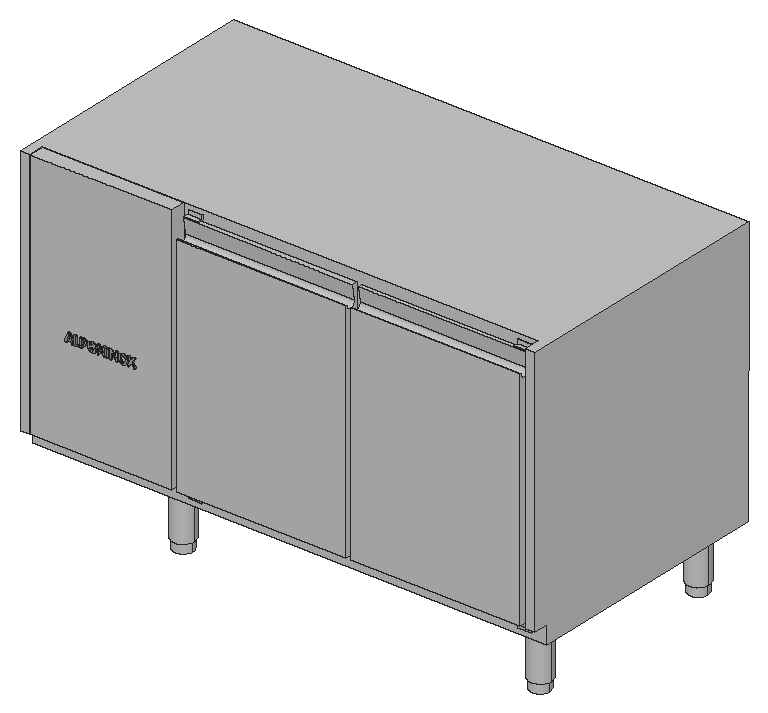
Revit family "QF_ALPENINOX_712000_AH2H7AA", category Specialty Equipment, Revit 2018 (continued)
Definition of nested family "ALP_Cooling Unit"
  Lines and regions (mm)
    Split face 133
      outline origin (110.032, 2, -125.094) x (0, 0, 1) y (-1, 0, 0)
        loop
          arc (510.649, 158.547) -> (506.648, 162.548) -> (502.647, 158.547) r 4.001
          line (502.647, 158.547) -> (502.647, 116.535)
          arc (502.647, 116.535) -> (506.648, 112.533) -> (510.649, 116.535) r 4.001
          line (510.649, 116.535) -> (510.649, 158.547)
    Split face 134
      outline origin (110.032, 2, -137.098) x (0, 0, 1) y (-1, 0, 0)
        loop
          arc (510.649, 158.547) -> (506.648, 162.548) -> (502.647, 158.547) r 4.001
          line (502.647, 158.547) -> (502.647, 116.535)
          arc (502.647, 116.535) -> (506.648, 112.533) -> (510.649, 116.535) r 4.001
          line (510.649, 116.535) -> (510.649, 158.547)
    Split face 135
      outline origin (110.032, 2, -149.101) x (0, 0, 1) y (-1, 0, 0)
        loop
          arc (510.649, 158.547) -> (506.648, 162.548) -> (502.647, 158.547) r 4.001
          line (502.647, 158.547) -> (502.647, 116.535)
          arc (502.647, 116.535) -> (506.648, 112.533) -> (510.649, 116.535) r 4.001
          line (510.649, 116.535) -> (510.649, 158.547)
    Split face 136
      outline origin (110.032, 2, -161.105) x (0, 0, 1) y (-1, 0, 0)
        loop
          arc (510.649, 158.547) -> (506.648, 162.548) -> (502.647, 158.547) r 4.001
          line (502.647, 158.547) -> (502.647, 116.535)
          arc (502.647, 116.535) -> (506.648, 112.533) -> (510.649, 116.535) r 4.001
          line (510.649, 116.535) -> (510.649, 158.547)
    Split face 137
      outline origin (110.032, 2, -173.108) x (0, 0, 1) y (-1, 0, 0)
        loop
          arc (510.649, 158.547) -> (506.648, 162.548) -> (502.647, 158.547) r 4.001
          line (502.647, 158.547) -> (502.647, 116.535)
          arc (502.647, 116.535) -> (506.648, 112.533) -> (510.649, 116.535) r 4.001
          line (510.649, 116.535) -> (510.649, 158.547)
    Split face 138
      outline origin (110.032, 2, -185.112) x (0, 0, 1) y (-1, 0, 0)
        loop
          arc (510.649, 158.547) -> (506.648, 162.548) -> (502.647, 158.547) r 4.001
          line (502.647, 158.547) -> (502.647, 116.535)
          arc (502.647, 116.535) -> (506.648, 112.533) -> (510.649, 116.535) r 4.001
          line (510.649, 116.535) -> (510.649, 158.547)
    Split face 139
      outline origin (110.032, 2, -197.115) x (0, 0, 1) y (-1, 0, 0)
        loop
          arc (510.649, 158.547) -> (506.648, 162.548) -> (502.647, 158.547) r 4.001
          line (502.647, 158.547) -> (502.647, 116.535)
          arc (502.647, 116.535) -> (506.648, 112.533) -> (510.649, 116.535) r 4.001
          line (510.649, 116.535) -> (510.649, 158.547)
    Split face 140
      outline origin (110.032, 2, -209.119) x (0, 0, 1) y (-1, 0, 0)
        loop
          arc (510.649, 158.547) -> (506.648, 162.548) -> (502.647, 158.547) r 4.001
          line (502.647, 158.547) -> (502.647, 116.535)
          arc (502.647, 116.535) -> (506.648, 112.533) -> (510.649, 116.535) r 4.001
          line (510.649, 116.535) -> (510.649, 158.547)
    Split face 141
      outline origin (110.032, 2, -221.122) x (0, 0, 1) y (-1, 0, 0)
        loop
          arc (510.649, 158.547) -> (506.648, 162.548) -> (502.647, 158.547) r 4.001
          line (502.647, 158.547) -> (502.647, 116.535)
          arc (502.647, 116.535) -> (506.648, 112.533) -> (510.649, 116.535) r 4.001
          line (510.649, 116.535) -> (510.649, 158.547)
    Split face 142
      outline origin (110.032, 2, -233.126) x (0, 0, 1) y (-1, 0, 0)
        loop
          arc (510.649, 158.547) -> (506.648, 162.548) -> (502.647, 158.547) r 4.001
          line (502.647, 158.547) -> (502.647, 116.535)
          arc (502.647, 116.535) -> (506.648, 112.533) -> (510.649, 116.535) r 4.001
          line (510.649, 116.535) -> (510.649, 158.547)
    Split face 143
      outline origin (110.032, 2, -245.129) x (0, 0, 1) y (-1, 0, 0)
        loop
          arc (510.649, 158.547) -> (506.648, 162.548) -> (502.647, 158.547) r 4.001
          line (502.647, 158.547) -> (502.647, 116.535)
          arc (502.647, 116.535) -> (506.648, 112.533) -> (510.649, 116.535) r 4.001
          line (510.649, 116.535) -> (510.649, 158.547)
    Split face 144
      outline origin (110.032, 2, -257.133) x (0, 0, 1) y (-1, 0, 0)
        loop
          arc (510.649, 158.547) -> (506.648, 162.548) -> (502.647, 158.547) r 4.001
          line (502.647, 158.547) -> (502.647, 116.535)
          arc (502.647, 116.535) -> (506.648, 112.533) -> (510.649, 116.535) r 4.001
          line (510.649, 116.535) -> (510.649, 158.547)
    Split face 145
      outline origin (110.032, 2, -269.136) x (0, 0, 1) y (-1, 0, 0)
        loop
          arc (510.649, 158.547) -> (506.648, 162.548) -> (502.647, 158.547) r 4.001
          line (502.647, 158.547) -> (502.647, 116.535)
          arc (502.647, 116.535) -> (506.648, 112.533) -> (510.649, 116.535) r 4.001
          line (510.649, 116.535) -> (510.649, 158.547)
    Split face 146
      outline origin (110.032, 2, -281.14) x (0, 0, 1) y (-1, 0, 0)
        loop
          arc (510.649, 158.547) -> (506.648, 162.548) -> (502.647, 158.547) r 4.001
          line (502.647, 158.547) -> (502.647, 116.535)
          arc (502.647, 116.535) -> (506.648, 112.533) -> (510.649, 116.535) r 4.001
          line (510.649, 116.535) -> (510.649, 158.547)
    Split face 147
      outline origin (110.032, 2, -293.144) x (0, 0, 1) y (-1, 0, 0)
        loop
          arc (510.649, 158.547) -> (506.648, 162.548) -> (502.647, 158.547) r 4.001
          line (502.647, 158.547) -> (502.647, 116.535)
          arc (502.647, 116.535) -> (506.648, 112.533) -> (510.649, 116.535) r 4.001
          line (510.649, 116.535) -> (510.649, 158.547)
    Split face 148
      outline origin (165.048, 2, -113.091) x (0, 0, 1) y (-1, 0, 0)
        loop
          arc (510.649, 158.547) -> (506.648, 162.548) -> (502.647, 158.547) r 4.001
          line (502.647, 158.547) -> (502.647, 116.535)
          arc (502.647, 116.535) -> (506.648, 112.533) -> (510.649, 116.535) r 4.001
          line (510.649, 116.535) -> (510.649, 158.547)
    Split face 149
      outline origin (165.048, 2, -125.094) x (0, 0, 1) y (-1, 0, 0)
        loop
          arc (510.649, 158.547) -> (506.648, 162.548) -> (502.647, 158.547) r 4.001
          line (502.647, 158.547) -> (502.647, 116.535)
          arc (502.647, 116.535) -> (506.648, 112.533) -> (510.649, 116.535) r 4.001
          line (510.649, 116.535) -> (510.649, 158.547)
    Split face 150
      outline origin (165.048, 2, -137.098) x (0, 0, 1) y (-1, 0, 0)
        loop
          arc (510.649, 158.547) -> (506.648, 162.548) -> (502.647, 158.547) r 4.001
          line (502.647, 158.547) -> (502.647, 116.535)
          arc (502.647, 116.535) -> (506.648, 112.533) -> (510.649, 116.535) r 4.001
          line (510.649, 116.535) -> (510.649, 158.547)
    Split face 151
      outline origin (165.048, 2, -149.101) x (0, 0, 1) y (-1, 0, 0)
        loop
          arc (510.649, 158.547) -> (506.648, 162.548) -> (502.647, 158.547) r 4.001
          line (502.647, 158.547) -> (502.647, 116.535)
          arc (502.647, 116.535) -> (506.648, 112.533) -> (510.649, 116.535) r 4.001
          line (510.649, 116.535) -> (510.649, 158.547)
    Split face 152
      outline origin (165.048, 2, -161.105) x (0, 0, 1) y (-1, 0, 0)
        loop
          arc (510.649, 158.547) -> (506.648, 162.548) -> (502.647, 158.547) r 4.001
          line (502.647, 158.547) -> (502.647, 116.535)
          arc (502.647, 116.535) -> (506.648, 112.533) -> (510.649, 116.535) r 4.001
          line (510.649, 116.535) -> (510.649, 158.547)
    Split face 153
      outline origin (165.048, 2, -173.108) x (0, 0, 1) y (-1, 0, 0)
        loop
          arc (510.649, 158.547) -> (506.648, 162.548) -> (502.647, 158.547) r 4.001
          line (502.647, 158.547) -> (502.647, 116.535)
          arc (502.647, 116.535) -> (506.648, 112.533) -> (510.649, 116.535) r 4.001
          line (510.649, 116.535) -> (510.649, 158.547)
    Split face 154
      outline origin (165.048, 2, -185.112) x (0, 0, 1) y (-1, 0, 0)
        loop
          arc (510.649, 158.547) -> (506.648, 162.548) -> (502.647, 158.547) r 4.001
          line (502.647, 158.547) -> (502.647, 116.535)
          arc (502.647, 116.535) -> (506.648, 112.533) -> (510.649, 116.535) r 4.001
          line (510.649, 116.535) -> (510.649, 158.547)
    Split face 155
      outline origin (165.048, 2, -197.115) x (0, 0, 1) y (-1, 0, 0)
        loop
          arc (510.649, 158.547) -> (506.648, 162.548) -> (502.647, 158.547) r 4.001
          line (502.647, 158.547) -> (502.647, 116.535)
          arc (502.647, 116.535) -> (506.648, 112.533) -> (510.649, 116.535) r 4.001
          line (510.649, 116.535) -> (510.649, 158.547)
    Split face 156
      outline origin (165.048, 2, -209.119) x (0, 0, 1) y (-1, 0, 0)
        loop
          arc (510.649, 158.547) -> (506.648, 162.548) -> (502.647, 158.547) r 4.001
          line (502.647, 158.547) -> (502.647, 116.535)
          arc (502.647, 116.535) -> (506.648, 112.533) -> (510.649, 116.535) r 4.001
          line (510.649, 116.535) -> (510.649, 158.547)
    Split face 157
      outline origin (165.048, 2, -221.122) x (0, 0, 1) y (-1, 0, 0)
        loop
          arc (510.649, 158.547) -> (506.648, 162.548) -> (502.647, 158.547) r 4.001
          line (502.647, 158.547) -> (502.647, 116.535)
          arc (502.647, 116.535) -> (506.648, 112.533) -> (510.649, 116.535) r 4.001
          line (510.649, 116.535) -> (510.649, 158.547)
    Split face 158
      outline origin (165.048, 2, -233.126) x (0, 0, 1) y (-1, 0, 0)
        loop
          arc (510.649, 158.547) -> (506.648, 162.548) -> (502.647, 158.547) r 4.001
          line (502.647, 158.547) -> (502.647, 116.535)
          arc (502.647, 116.535) -> (506.648, 112.533) -> (510.649, 116.535) r 4.001
          line (510.649, 116.535) -> (510.649, 158.547)
    Split face 159
      outline origin (165.048, 2, -245.129) x (0, 0, 1) y (-1, 0, 0)
        loop
          arc (510.649, 158.547) -> (506.648, 162.548) -> (502.647, 158.547) r 4.001
          line (502.647, 158.547) -> (502.647, 116.535)
          arc (502.647, 116.535) -> (506.648, 112.533) -> (510.649, 116.535) r 4.001
          line (510.649, 116.535) -> (510.649, 158.547)
    Split face 160
      outline origin (165.048, 2, -257.133) x (0, 0, 1) y (-1, 0, 0)
        loop
          arc (510.649, 158.547) -> (506.648, 162.548) -> (502.647, 158.547) r 4.001
          line (502.647, 158.547) -> (502.647, 116.535)
          arc (502.647, 116.535) -> (506.648, 112.533) -> (510.649, 116.535) r 4.001
          line (510.649, 116.535) -> (510.649, 158.547)
    Split face 161
      outline origin (165.048, 2, -269.136) x (0, 0, 1) y (-1, 0, 0)
        loop
          arc (510.649, 158.547) -> (506.648, 162.548) -> (502.647, 158.547) r 4.001
          line (502.647, 158.547) -> (502.647, 116.535)
          arc (502.647, 116.535) -> (506.648, 112.533) -> (510.649, 116.535) r 4.001
          line (510.649, 116.535) -> (510.649, 158.547)
    Split face 162
      outline origin (165.048, 2, -281.14) x (0, 0, 1) y (-1, 0, 0)
        loop
          arc (510.649, 158.547) -> (506.648, 162.548) -> (502.647, 158.547) r 4.001
          line (502.647, 158.547) -> (502.647, 116.535)
          arc (502.647, 116.535) -> (506.648, 112.533) -> (510.649, 116.535) r 4.001
          line (510.649, 116.535) -> (510.649, 158.547)
    Split face 163
      outline origin (165.048, 2, -293.144) x (0, 0, 1) y (-1, 0, 0)
        loop
          arc (510.649, 158.547) -> (506.648, 162.548) -> (502.647, 158.547) r 4.001
          line (502.647, 158.547) -> (502.647, 116.535)
          arc (502.647, 116.535) -> (506.648, 112.533) -> (510.649, 116.535) r 4.001
          line (510.649, 116.535) -> (510.649, 158.547)
    Split face 164
      outline origin (220.064, 2, -113.091) x (0, 0, 1) y (-1, 0, 0)
        loop
          arc (510.649, 158.547) -> (506.648, 162.548) -> (502.647, 158.547) r 4.001
          line (502.647, 158.547) -> (502.647, 116.535)
          arc (502.647, 116.535) -> (506.648, 112.533) -> (510.649, 116.535) r 4.001
          line (510.649, 116.535) -> (510.649, 158.547)
    Split face 165
      outline origin (220.064, 2, -125.094) x (0, 0, 1) y (-1, 0, 0)
        loop
          arc (510.649, 158.547) -> (506.648, 162.548) -> (502.647, 158.547) r 4.001
          line (502.647, 158.547) -> (502.647, 116.535)
          arc (502.647, 116.535) -> (506.648, 112.533) -> (510.649, 116.535) r 4.001
          line (510.649, 116.535) -> (510.649, 158.547)
    Split face 166
      outline origin (220.064, 2, -137.098) x (0, 0, 1) y (-1, 0, 0)
        loop
          arc (510.649, 158.547) -> (506.648, 162.548) -> (502.647, 158.547) r 4.001
          line (502.647, 158.547) -> (502.647, 116.535)
          arc (502.647, 116.535) -> (506.648, 112.533) -> (510.649, 116.535) r 4.001
          line (510.649, 116.535) -> (510.649, 158.547)
    Split face 167
      outline origin (220.064, 2, -149.101) x (0, 0, 1) y (-1, 0, 0)
        loop
          arc (510.649, 158.547) -> (506.648, 162.548) -> (502.647, 158.547) r 4.001
          line (502.647, 158.547) -> (502.647, 116.535)
          arc (502.647, 116.535) -> (506.648, 112.533) -> (510.649, 116.535) r 4.001
          line (510.649, 116.535) -> (510.649, 158.547)
    Split face 168
      outline origin (220.064, 2, -161.105) x (0, 0, 1) y (-1, 0, 0)
        loop
          arc (510.649, 158.547) -> (506.648, 162.548) -> (502.647, 158.547) r 4.001
          line (502.647, 158.547) -> (502.647, 116.535)
          arc (502.647, 116.535) -> (506.648, 112.533) -> (510.649, 116.535) r 4.001
          line (510.649, 116.535) -> (510.649, 158.547)
    Split face 169
      outline origin (220.064, 2, -173.108) x (0, 0, 1) y (-1, 0, 0)
        loop
          arc (510.649, 158.547) -> (506.648, 162.548) -> (502.647, 158.547) r 4.001
          line (502.647, 158.547) -> (502.647, 116.535)
          arc (502.647, 116.535) -> (506.648, 112.533) -> (510.649, 116.535) r 4.001
          line (510.649, 116.535) -> (510.649, 158.547)
    Split face 170
      outline origin (220.064, 2, -185.112) x (0, 0, 1) y (-1, 0, 0)
        loop
          arc (510.649, 158.547) -> (506.648, 162.548) -> (502.647, 158.547) r 4.001
          line (502.647, 158.547) -> (502.647, 116.535)
          arc (502.647, 116.535) -> (506.648, 112.533) -> (510.649, 116.535) r 4.001
          line (510.649, 116.535) -> (510.649, 158.547)
    Split face 171
      outline origin (220.064, 2, -197.115) x (0, 0, 1) y (-1, 0, 0)
        loop
          arc (510.649, 158.547) -> (506.648, 162.548) -> (502.647, 158.547) r 4.001
          line (502.647, 158.547) -> (502.647, 116.535)
          arc (502.647, 116.535) -> (506.648, 112.533) -> (510.649, 116.535) r 4.001
          line (510.649, 116.535) -> (510.649, 158.547)
    Split face 172
      outline origin (220.064, 2, -209.119) x (0, 0, 1) y (-1, 0, 0)
        loop
          arc (510.649, 158.547) -> (506.648, 162.548) -> (502.647, 158.547) r 4.001
          line (502.647, 158.547) -> (502.647, 116.535)
          arc (502.647, 116.535) -> (506.648, 112.533) -> (510.649, 116.535) r 4.001
          line (510.649, 116.535) -> (510.649, 158.547)
    Split face 173
      outline origin (220.064, 2, -221.122) x (0, 0, 1) y (-1, 0, 0)
        loop
          arc (510.649, 158.547) -> (506.648, 162.548) -> (502.647, 158.547) r 4.001
          line (502.647, 158.547) -> (502.647, 116.535)
          arc (502.647, 116.535) -> (506.648, 112.533) -> (510.649, 116.535) r 4.001
          line (510.649, 116.535) -> (510.649, 158.547)
    Split face 174
      outline origin (220.064, 2, -233.126) x (0, 0, 1) y (-1, 0, 0)
        loop
          arc (510.649, 158.547) -> (506.648, 162.548) -> (502.647, 158.547) r 4.001
          line (502.647, 158.547) -> (502.647, 116.535)
          arc (502.647, 116.535) -> (506.648, 112.533) -> (510.649, 116.535) r 4.001
          line (510.649, 116.535) -> (510.649, 158.547)
    Split face 175
      outline origin (220.064, 2, -245.129) x (0, 0, 1) y (-1, 0, 0)
        loop
          arc (510.649, 158.547) -> (506.648, 162.548) -> (502.647, 158.547) r 4.001
          line (502.647, 158.547) -> (502.647, 116.535)
          arc (502.647, 116.535) -> (506.648, 112.533) -> (510.649, 116.535) r 4.001
          line (510.649, 116.535) -> (510.649, 158.547)
    Split face 176
      outline origin (220.064, 2, -257.133) x (0, 0, 1) y (-1, 0, 0)
        loop
          arc (510.649, 158.547) -> (506.648, 162.548) -> (502.647, 158.547) r 4.001
          line (502.647, 158.547) -> (502.647, 116.535)
          arc (502.647, 116.535) -> (506.648, 112.533) -> (510.649, 116.535) r 4.001
          line (510.649, 116.535) -> (510.649, 158.547)
    Split face 177
      outline origin (220.064, 2, -269.136) x (0, 0, 1) y (-1, 0, 0)
        loop
          arc (510.649, 158.547) -> (506.648, 162.548) -> (502.647, 158.547) r 4.001
          line (502.647, 158.547) -> (502.647, 116.535)
          arc (502.647, 116.535) -> (506.648, 112.533) -> (510.649, 116.535) r 4.001
          line (510.649, 116.535) -> (510.649, 158.547)
    Split face 178
      outline origin (220.064, 2, -281.14) x (0, 0, 1) y (-1, 0, 0)
        loop
          arc (510.649, 158.547) -> (506.648, 162.548) -> (502.647, 158.547) r 4.001
          line (502.647, 158.547) -> (502.647, 116.535)
          arc (502.647, 116.535) -> (506.648, 112.533) -> (510.649, 116.535) r 4.001
          line (510.649, 116.535) -> (510.649, 158.547)
    Split face 179
      outline origin (220.064, 2, -293.144) x (0, 0, 1) y (-1, 0, 0)
        loop
          arc (510.649, 158.547) -> (506.648, 162.548) -> (502.647, 158.547) r 4.001
          line (502.647, 158.547) -> (502.647, 116.535)
          arc (502.647, 116.535) -> (506.648, 112.533) -> (510.649, 116.535) r 4.001
          line (510.649, 116.535) -> (510.649, 158.547)
    Split face 180
      outline origin (275.081, 2, -113.091) x (0, 0, 1) y (-1, 0, 0)
        loop
          arc (510.649, 158.547) -> (506.648, 162.548) -> (502.647, 158.547) r 4.001
          line (502.647, 158.547) -> (502.647, 116.535)
          arc (502.647, 116.535) -> (506.648, 112.533) -> (510.649, 116.535) r 4.001
          line (510.649, 116.535) -> (510.649, 158.547)
    Split face 181
      outline origin (275.081, 2, -125.094) x (0, 0, 1) y (-1, 0, 0)
        loop
          arc (510.649, 158.547) -> (506.648, 162.548) -> (502.647, 158.547) r 4.001
          line (502.647, 158.547) -> (502.647, 116.535)
          arc (502.647, 116.535) -> (506.648, 112.533) -> (510.649, 116.535) r 4.001
          line (510.649, 116.535) -> (510.649, 158.547)
    Split face 182
      outline origin (275.081, 2, -137.098) x (0, 0, 1) y (-1, 0, 0)
        loop
          arc (510.649, 158.547) -> (506.648, 162.548) -> (502.647, 158.547) r 4.001
          line (502.647, 158.547) -> (502.647, 116.535)
          arc (502.647, 116.535) -> (506.648, 112.533) -> (510.649, 116.535) r 4.001
          line (510.649, 116.535) -> (510.649, 158.547)
    Split face 183
      outline origin (275.081, 2, -149.101) x (0, 0, 1) y (-1, 0, 0)
        loop
          arc (510.649, 158.547) -> (506.648, 162.548) -> (502.647, 158.547) r 4.001
          line (502.647, 158.547) -> (502.647, 116.535)
          arc (502.647, 116.535) -> (506.648, 112.533) -> (510.649, 116.535) r 4.001
          line (510.649, 116.535) -> (510.649, 158.547)
    Split face 184
      outline origin (275.081, 2, -161.105) x (0, 0, 1) y (-1, 0, 0)
        loop
          arc (510.649, 158.547) -> (506.648, 162.548) -> (502.647, 158.547) r 4.001
          line (502.647, 158.547) -> (502.647, 116.535)
          arc (502.647, 116.535) -> (506.648, 112.533) -> (510.649, 116.535) r 4.001
          line (510.649, 116.535) -> (510.649, 158.547)
    Split face 185
      outline origin (275.081, 2, -173.108) x (0, 0, 1) y (-1, 0, 0)
        loop
          arc (510.649, 158.547) -> (506.648, 162.548) -> (502.647, 158.547) r 4.001
          line (502.647, 158.547) -> (502.647, 116.535)
          arc (502.647, 116.535) -> (506.648, 112.533) -> (510.649, 116.535) r 4.001
          line (510.649, 116.535) -> (510.649, 158.547)
    Split face 186
      outline origin (275.081, 2, -185.112) x (0, 0, 1) y (-1, 0, 0)
        loop
          arc (510.649, 158.547) -> (506.648, 162.548) -> (502.647, 158.547) r 4.001
          line (502.647, 158.547) -> (502.647, 116.535)
          arc (502.647, 116.535) -> (506.648, 112.533) -> (510.649, 116.535) r 4.001
          line (510.649, 116.535) -> (510.649, 158.547)
    Split face 187
      outline origin (275.081, 2, -197.115) x (0, 0, 1) y (-1, 0, 0)
        loop
          arc (510.649, 158.547) -> (506.648, 162.548) -> (502.647, 158.547) r 4.001
          line (502.647, 158.547) -> (502.647, 116.535)
          arc (502.647, 116.535) -> (506.648, 112.533) -> (510.649, 116.535) r 4.001
          line (510.649, 116.535) -> (510.649, 158.547)
    Split face 188
      outline origin (275.081, 2, -209.119) x (0, 0, 1) y (-1, 0, 0)
        loop
          arc (510.649, 158.547) -> (506.648, 162.548) -> (502.647, 158.547) r 4.001
          line (502.647, 158.547) -> (502.647, 116.535)
          arc (502.647, 116.535) -> (506.648, 112.533) -> (510.649, 116.535) r 4.001
          line (510.649, 116.535) -> (510.649, 158.547)
    Split face 189
      outline origin (275.081, 2, -221.122) x (0, 0, 1) y (-1, 0, 0)
        loop
          arc (510.649, 158.547) -> (506.648, 162.548) -> (502.647, 158.547) r 4.001
          line (502.647, 158.547) -> (502.647, 116.535)
          arc (502.647, 116.535) -> (506.648, 112.533) -> (510.649, 116.535) r 4.001
          line (510.649, 116.535) -> (510.649, 158.547)
    Split face 190
      outline origin (275.081, 2, -233.126) x (0, 0, 1) y (-1, 0, 0)
        loop
          arc (510.649, 158.547) -> (506.648, 162.548) -> (502.647, 158.547) r 4.001
          line (502.647, 158.547) -> (502.647, 116.535)
          arc (502.647, 116.535) -> (506.648, 112.533) -> (510.649, 116.535) r 4.001
          line (510.649, 116.535) -> (510.649, 158.547)
    Split face 191
      outline origin (275.081, 2, -245.129) x (0, 0, 1) y (-1, 0, 0)
        loop
          arc (510.649, 158.547) -> (506.648, 162.548) -> (502.647, 158.547) r 4.001
          line (502.647, 158.547) -> (502.647, 116.535)
          arc (502.647, 116.535) -> (506.648, 112.533) -> (510.649, 116.535) r 4.001
          line (510.649, 116.535) -> (510.649, 158.547)
    Split face 192
      outline origin (275.081, 2, -257.133) x (0, 0, 1) y (-1, 0, 0)
        loop
          arc (510.649, 158.547) -> (506.648, 162.548) -> (502.647, 158.547) r 4.001
          line (502.647, 158.547) -> (502.647, 116.535)
          arc (502.647, 116.535) -> (506.648, 112.533) -> (510.649, 116.535) r 4.001
          line (510.649, 116.535) -> (510.649, 158.547)
    Split face 193
      outline origin (275.081, 2, -269.136) x (0, 0, 1) y (-1, 0, 0)
        loop
          arc (510.649, 158.547) -> (506.648, 162.548) -> (502.647, 158.547) r 4.001
          line (502.647, 158.547) -> (502.647, 116.535)
          arc (502.647, 116.535) -> (506.648, 112.533) -> (510.649, 116.535) r 4.001
          line (510.649, 116.535) -> (510.649, 158.547)
    Split face 194
      outline origin (275.081, 2, -281.14) x (0, 0, 1) y (-1, 0, 0)
        loop
          arc (510.649, 158.547) -> (506.648, 162.548) -> (502.647, 158.547) r 4.001
          line (502.647, 158.547) -> (502.647, 116.535)
          arc (502.647, 116.535) -> (506.648, 112.533) -> (510.649, 116.535) r 4.001
          line (510.649, 116.535) -> (510.649, 158.547)
    Split face 195
      outline origin (275.081, 2, -293.144) x (0, 0, 1) y (-1, 0, 0)
        loop
          arc (510.649, 158.547) -> (506.648, 162.548) -> (502.647, 158.547) r 4.001
          line (502.647, 158.547) -> (502.647, 116.535)
          arc (502.647, 116.535) -> (506.648, 112.533) -> (510.649, 116.535) r 4.001
          line (510.649, 116.535) -> (510.649, 158.547)
  Dimensions and locks
    aligned and locked: level to plane 2
  Nested families
    nested 1: "ALP_Logo_S" at (0, 2, 458.586) x (1, 0, 0) z (0, -1, 0), visible <- "Show Logo", type "ALP_Logo_S"
  Definition of nested family "ALP_Logo_S"
    Parameters
      Default Elevation = 0 mm
    Reference planes
      plane 1 "Centro (Fronte/Retro)": y = 0
      plane 2: z = 0
      plane 3 "Centro (Sinistra/Destra)": x = 0
    Forms (mm)
      Extrusion 1, solid
        sketch origin (0, 0, 0) x (1, 0, 0) y (0, 1, 0)
          loop
            line (-1219.2, 1219.2) -> (-1219.2, -1219.2) -> (1219.2, -1219.2) -> (1219.2, 1219.2) -> (-1219.2, 1219.2)
        from 0 to -304.8
      Extrusion 2, solid
        sketch origin (17.793, -46.218, 0) x (-1, 0, 0) y (0, -1, 0)
          loop
            line (109.007, -37.469) -> (109.244, -36.361)
            spline (109.244, -36.361) -> (109.221, -36.03) -> (109.153, -35.716) -> (109.043, -35.42) -> (108.895, -35.146) -> (108.713, -34.896) -> (108.498, -34.671) -> (108.255, -34.475) -> (107.987, -34.309) -> (107.697, -34.176) -> (107.388, -34.078) -> (107.064, -34.017) -> (106.728, -33.997)
            spline (106.728, -33.997) -> (106.393, -34.012) -> (106.085, -34.057) -> (105.803, -34.129) -> (105.547, -34.228) -> (105.315, -34.352) -> (105.105, -34.499) -> (104.918, -34.668) -> (104.752, -34.858) -> (104.605, -35.066) -> (104.478, -35.291) -> (104.368, -35.532) -> (104.275, -35.787)
            line (104.275, -35.787) -> (103.256, -38.92) -> (93.799, -38.92) -> (92.773, -35.75)
            spline (92.773, -35.75) -> (92.68, -35.504) -> (92.57, -35.27) -> (92.443, -35.05) -> (92.296, -34.847) -> (92.129, -34.661) -> (91.941, -34.495) -> (91.729, -34.35) -> (91.494, -34.227) -> (91.234, -34.129) -> (90.948, -34.056) -> (90.634, -34.012) -> (90.292, -33.997)
            spline (90.292, -33.997) -> (89.98, -34.015) -> (89.679, -34.07) -> (89.392, -34.16) -> (89.122, -34.282) -> (88.871, -34.436) -> (88.644, -34.618) -> (88.442, -34.828) -> (88.271, -35.063) -> (88.132, -35.322) -> (88.028, -35.604) -> (87.964, -35.905) -> (87.942, -36.225)
            line (87.942, -36.225) -> (88.215, -37.469) -> (94.885, -55.826)
            spline (94.885, -55.826) -> (95.044, -56.22) -> (95.23, -56.593) -> (95.444, -56.943) -> (95.685, -57.268) -> (95.953, -57.564) -> (96.246, -57.829) -> (96.565, -58.06) -> (96.909, -58.255) -> (97.278, -58.412) -> (97.672, -58.527) -> (98.088, -58.597) -> (98.529, -58.622)
            spline (98.529, -58.622) -> (98.953, -58.596) -> (99.359, -58.522) -> (99.746, -58.402) -> (100.112, -58.241) -> (100.457, -58.04) -> (100.78, -57.804) -> (101.078, -57.536) -> (101.351, -57.238) -> (101.599, -56.916) -> (101.818, -56.57) -> (102.009, -56.206) -> (102.171, -55.826)
            line (102.171, -55.826) -> (109.007, -37.469)
          loop
            line (101.794, -43.576) -> (95.326, -43.576) -> (98.522, -53.458) -> (101.794, -43.576)
          loop
            spline (85.755, -36.964) -> (85.735, -36.556) -> (85.675, -36.175) -> (85.576, -35.822) -> (85.439, -35.499) -> (85.266, -35.208) -> (85.056, -34.95) -> (84.812, -34.727) -> (84.534, -34.541) -> (84.223, -34.394) -> (83.881, -34.286) -> (83.507, -34.22) -> (83.104, -34.198)
            line (83.104, -34.198) -> (74.598, -34.198)
            spline (74.598, -34.198) -> (74.236, -34.221) -> (73.9, -34.286) -> (73.592, -34.39) -> (73.311, -34.528) -> (73.058, -34.698) -> (72.835, -34.895) -> (72.641, -35.114) -> (72.478, -35.354) -> (72.347, -35.608) -> (72.247, -35.874) -> (72.181, -36.148) -> (72.148, -36.426)
            spline (72.148, -36.426) -> (72.156, -36.715) -> (72.197, -37.004) -> (72.272, -37.289) -> (72.382, -37.565) -> (72.528, -37.827) -> (72.709, -38.07) -> (72.927, -38.288) -> (73.183, -38.478) -> (73.478, -38.635) -> (73.811, -38.752) -> (74.184, -38.827) -> (74.598, -38.852)
            line (74.598, -38.852) -> (80.653, -38.852) -> (80.653, -55.789)
            spline (80.653, -55.789) -> (80.675, -56.195) -> (80.741, -56.569) -> (80.846, -56.912) -> (80.99, -57.221) -> (81.169, -57.497) -> (81.381, -57.738) -> (81.624, -57.944) -> (81.894, -58.114) -> (82.191, -58.247) -> (82.51, -58.343) -> (82.85, -58.402) -> (83.208, -58.421)
            spline (83.208, -58.421) -> (83.565, -58.402) -> (83.904, -58.343) -> (84.222, -58.247) -> (84.517, -58.114) -> (84.787, -57.944) -> (85.029, -57.738) -> (85.241, -57.497) -> (85.419, -57.221) -> (85.563, -56.912) -> (85.668, -56.569) -> (85.733, -56.195) -> (85.755, -55.789)
            line (85.755, -55.789) -> (85.755, -36.964)
          loop
            spline (69.963, -36.629) -> (69.941, -36.222) -> (69.876, -35.847) -> (69.77, -35.505) -> (69.627, -35.196) -> (69.448, -34.921) -> (69.236, -34.68) -> (68.993, -34.474) -> (68.723, -34.305) -> (68.427, -34.171) -> (68.108, -34.075) -> (67.769, -34.017) -> (67.412, -33.998)
            spline (67.412, -33.998) -> (67.055, -34.017) -> (66.716, -34.075) -> (66.397, -34.171) -> (66.101, -34.305) -> (65.832, -34.474) -> (65.59, -34.68) -> (65.378, -34.921) -> (65.2, -35.196) -> (65.057, -35.505) -> (64.951, -35.847) -> (64.886, -36.222) -> (64.864, -36.629)
            line (64.864, -36.629) -> (64.864, -42.161) -> (61.085, -42.161)
            spline (61.085, -42.161) -> (59.938, -42.224) -> (58.836, -42.411) -> (57.789, -42.717) -> (56.807, -43.139) -> (55.902, -43.671) -> (55.083, -44.311) -> (54.361, -45.053) -> (53.747, -45.894) -> (53.251, -46.829) -> (52.884, -47.854) -> (52.656, -48.965) -> (52.577, -50.158)
            spline (52.577, -50.158) -> (52.653, -51.33) -> (52.875, -52.429) -> (53.235, -53.452) -> (53.724, -54.391) -> (54.334, -55.241) -> (55.057, -55.997) -> (55.884, -56.652) -> (56.807, -57.201) -> (57.817, -57.638) -> (58.906, -57.957) -> (60.067, -58.153) -> (61.289, -58.22)
            line (61.289, -58.22) -> (67.306, -58.22)
            spline (67.306, -58.22) -> (67.716, -58.198) -> (68.095, -58.135) -> (68.44, -58.031) -> (68.752, -57.889) -> (69.031, -57.711) -> (69.274, -57.498) -> (69.482, -57.251) -> (69.653, -56.974) -> (69.788, -56.667) -> (69.885, -56.332) -> (69.944, -55.972) -> (69.963, -55.587)
            line (69.963, -55.587) -> (69.963, -36.629)
          loop
            line (64.864, -53.764) -> (64.864, -46.61) -> (61.384, -46.61)
            spline (61.384, -46.61) -> (60.866, -46.642) -> (60.382, -46.735) -> (59.935, -46.885) -> (59.526, -47.089) -> (59.158, -47.342) -> (58.832, -47.641) -> (58.551, -47.983) -> (58.317, -48.362) -> (58.131, -48.777) -> (57.995, -49.222) -> (57.913, -49.694) -> (57.885, -50.189)
            spline (57.885, -50.189) -> (57.913, -50.684) -> (57.995, -51.156) -> (58.131, -51.601) -> (58.317, -52.015) -> (58.551, -52.394) -> (58.832, -52.735) -> (59.158, -53.034) -> (59.526, -53.287) -> (59.935, -53.49) -> (60.382, -53.64) -> (60.866, -53.733) -> (61.384, -53.764)
            line (61.384, -53.764) -> (64.864, -53.764)
          loop
            spline (32.388, -43.737) -> (31.645, -43.763) -> (30.977, -43.84) -> (30.381, -43.966) -> (29.857, -44.139) -> (29.401, -44.355) -> (29.012, -44.613) -> (28.688, -44.91) -> (28.428, -45.245) -> (28.228, -45.614) -> (28.088, -46.015) -> (28.006, -46.447) -> (27.979, -46.906)
            spline (27.979, -46.906) -> (28.073, -48.241) -> (28.349, -49.591) -> (28.801, -50.931) -> (29.42, -52.236) -> (30.198, -53.481) -> (31.128, -54.642) -> (32.202, -55.693) -> (33.412, -56.608) -> (34.751, -57.364) -> (36.211, -57.935) -> (37.784, -58.296) -> (39.462, -58.422)
            spline (39.462, -58.422) -> (41.103, -58.303) -> (42.649, -57.959) -> (44.091, -57.408) -> (45.422, -56.668) -> (46.63, -55.759) -> (47.707, -54.697) -> (48.644, -53.501) -> (49.431, -52.19) -> (50.059, -50.782) -> (50.52, -49.295) -> (50.803, -47.748) -> (50.899, -46.159)
            spline (50.899, -46.159) -> (50.801, -44.451) -> (50.511, -42.83) -> (50.039, -41.308) -> (49.392, -39.896) -> (48.579, -38.607) -> (47.608, -37.451) -> (46.488, -36.441) -> (45.226, -35.588) -> (43.831, -34.905) -> (42.311, -34.402) -> (40.675, -34.091) -> (38.93, -33.985)
            spline (38.93, -33.985) -> (37.728, -34.039) -> (36.511, -34.193) -> (35.301, -34.44) -> (34.12, -34.77) -> (32.993, -35.175) -> (31.942, -35.645) -> (30.99, -36.172) -> (30.16, -36.746) -> (29.474, -37.36) -> (28.956, -38.004) -> (28.628, -38.669) -> (28.514, -39.347)
            spline (28.514, -39.347) -> (28.53, -39.685) -> (28.577, -40.017) -> (28.656, -40.338) -> (28.765, -40.643) -> (28.905, -40.928) -> (29.073, -41.19) -> (29.27, -41.423) -> (29.495, -41.623) -> (29.748, -41.787) -> (30.028, -41.91) -> (30.333, -41.987) -> (30.665, -42.014)
            spline (30.665, -42.014) -> (31.199, -41.95) -> (31.712, -41.768) -> (32.22, -41.491) -> (32.738, -41.145) -> (33.281, -40.752) -> (33.868, -40.337) -> (34.512, -39.924) -> (35.23, -39.537) -> (36.038, -39.199) -> (36.952, -38.934) -> (37.987, -38.768) -> (39.161, -38.722)
            spline (39.161, -38.722) -> (39.894, -38.774) -> (40.606, -38.897) -> (41.291, -39.091) -> (41.943, -39.354) -> (42.554, -39.684) -> (43.119, -40.08) -> (43.632, -40.54) -> (44.086, -41.061) -> (44.475, -41.643) -> (44.792, -42.285) -> (45.032, -42.983) -> (45.188, -43.737)
            line (45.188, -43.737) -> (32.388, -43.737)
          loop
            line (45.321, -48.475) -> (33.559, -48.475)
            spline (33.559, -48.475) -> (33.693, -49.163) -> (33.914, -49.841) -> (34.214, -50.497) -> (34.588, -51.123) -> (35.029, -51.71) -> (35.531, -52.248) -> (36.087, -52.729) -> (36.691, -53.143) -> (37.337, -53.481) -> (38.018, -53.734) -> (38.729, -53.893) -> (39.462, -53.948)
            spline (39.462, -53.948) -> (40.168, -53.891) -> (40.86, -53.728) -> (41.531, -53.468) -> (42.173, -53.123) -> (42.779, -52.701) -> (43.339, -52.214) -> (43.847, -51.671) -> (44.295, -51.082) -> (44.674, -50.458) -> (44.976, -49.809) -> (45.195, -49.144) -> (45.321, -48.475)
          loop
            spline (25.297, -36.629) -> (25.275, -36.222) -> (25.209, -35.847) -> (25.103, -35.505) -> (24.958, -35.196) -> (24.779, -34.92) -> (24.566, -34.679) -> (24.323, -34.474) -> (24.052, -34.304) -> (23.755, -34.17) -> (23.436, -34.074) -> (23.096, -34.016) -> (22.739, -33.997)
            spline (22.739, -33.997) -> (22.382, -34.016) -> (22.043, -34.074) -> (21.724, -34.17) -> (21.429, -34.304) -> (21.158, -34.474) -> (20.916, -34.679) -> (20.704, -34.92) -> (20.525, -35.196) -> (20.382, -35.505) -> (20.276, -35.847) -> (20.211, -36.222) -> (20.189, -36.629)
            line (20.189, -36.629) -> (20.189, -49.304) -> (9.333, -35.11) -> (7.187, -33.997)
            spline (7.187, -33.997) -> (6.83, -34.016) -> (6.49, -34.074) -> (6.172, -34.17) -> (5.876, -34.304) -> (5.606, -34.474) -> (5.363, -34.679) -> (5.151, -34.92) -> (4.972, -35.196) -> (4.829, -35.505) -> (4.723, -35.847) -> (4.658, -36.222) -> (4.636, -36.629)
            line (4.636, -36.629) -> (4.636, -55.789)
            spline (4.636, -55.789) -> (4.658, -56.195) -> (4.723, -56.569) -> (4.829, -56.912) -> (4.972, -57.221) -> (5.151, -57.497) -> (5.363, -57.738) -> (5.606, -57.944) -> (5.876, -58.114) -> (6.172, -58.247) -> (6.49, -58.343) -> (6.83, -58.402) -> (7.187, -58.421)
            spline (7.187, -58.421) -> (7.545, -58.402) -> (7.885, -58.343) -> (8.204, -58.247) -> (8.5, -58.114) -> (8.771, -57.944) -> (9.014, -57.738) -> (9.226, -57.497) -> (9.405, -57.221) -> (9.549, -56.912) -> (9.654, -56.569) -> (9.719, -56.195) -> (9.742, -55.789)
            line (9.742, -55.789) -> (9.742, -42.947) -> (20.597, -57.305) -> (22.739, -58.421)
            spline (22.739, -58.421) -> (23.096, -58.402) -> (23.436, -58.343) -> (23.755, -58.247) -> (24.052, -58.114) -> (24.323, -57.944) -> (24.566, -57.738) -> (24.779, -57.497) -> (24.958, -57.221) -> (25.103, -56.912) -> (25.209, -56.569) -> (25.275, -56.195) -> (25.297, -55.789)
            line (25.297, -55.789) -> (25.297, -36.629)
          loop
            spline (1.445, -36.629) -> (1.422, -36.222) -> (1.357, -35.847) -> (1.252, -35.505) -> (1.108, -35.196) -> (0.929, -34.92) -> (0.717, -34.679) -> (0.475, -34.474) -> (0.204, -34.304) -> (-0.092, -34.17) -> (-0.411, -34.074) -> (-0.751, -34.016) -> (-1.109, -33.997)
            spline (-1.109, -33.997) -> (-1.467, -34.016) -> (-1.807, -34.074) -> (-2.125, -34.17) -> (-2.421, -34.304) -> (-2.691, -34.474) -> (-2.933, -34.679) -> (-3.145, -34.92) -> (-3.324, -35.196) -> (-3.467, -35.505) -> (-3.572, -35.847) -> (-3.637, -36.222) -> (-3.659, -36.629)
            line (-3.659, -36.629) -> (-3.659, -55.789)
            spline (-3.659, -55.789) -> (-3.637, -56.195) -> (-3.572, -56.569) -> (-3.467, -56.912) -> (-3.324, -57.221) -> (-3.145, -57.497) -> (-2.933, -57.738) -> (-2.691, -57.944) -> (-2.421, -58.114) -> (-2.125, -58.247) -> (-1.807, -58.343) -> (-1.467, -58.402) -> (-1.109, -58.421)
            spline (-1.109, -58.421) -> (-0.751, -58.402) -> (-0.411, -58.343) -> (-0.092, -58.247) -> (0.204, -58.114) -> (0.475, -57.944) -> (0.717, -57.738) -> (0.929, -57.497) -> (1.108, -57.221) -> (1.252, -56.912) -> (1.357, -56.569) -> (1.422, -56.195) -> (1.445, -55.789)
            line (1.445, -55.789) -> (1.445, -36.629)
          loop
            spline (-6.852, -36.629) -> (-6.875, -36.222) -> (-6.94, -35.847) -> (-7.045, -35.505) -> (-7.189, -35.196) -> (-7.368, -34.92) -> (-7.58, -34.679) -> (-7.822, -34.474) -> (-8.092, -34.304) -> (-8.388, -34.17) -> (-8.706, -34.074) -> (-9.046, -34.016) -> (-9.403, -33.997)
            spline (-9.403, -33.997) -> (-9.76, -34.016) -> (-10.1, -34.074) -> (-10.42, -34.17) -> (-10.716, -34.304) -> (-10.987, -34.474) -> (-11.23, -34.679) -> (-11.442, -34.92) -> (-11.621, -35.196) -> (-11.765, -35.505) -> (-11.871, -35.847) -> (-11.936, -36.222) -> (-11.958, -36.629)
            line (-11.958, -36.629) -> (-11.958, -49.304) -> (-22.814, -35.11) -> (-24.958, -33.997)
            spline (-24.958, -33.997) -> (-25.315, -34.016) -> (-25.655, -34.074) -> (-25.974, -34.17) -> (-26.27, -34.304) -> (-26.541, -34.474) -> (-26.784, -34.679) -> (-26.996, -34.92) -> (-27.175, -35.196) -> (-27.319, -35.505) -> (-27.424, -35.847) -> (-27.49, -36.222) -> (-27.512, -36.629)
            line (-27.512, -36.629) -> (-27.512, -55.789)
            spline (-27.512, -55.789) -> (-27.49, -56.195) -> (-27.424, -56.569) -> (-27.319, -56.912) -> (-27.175, -57.221) -> (-26.996, -57.497) -> (-26.784, -57.738) -> (-26.541, -57.944) -> (-26.27, -58.114) -> (-25.974, -58.247) -> (-25.655, -58.343) -> (-25.315, -58.402) -> (-24.958, -58.421)
            spline (-24.958, -58.421) -> (-24.6, -58.402) -> (-24.26, -58.343) -> (-23.941, -58.247) -> (-23.646, -58.114) -> (-23.375, -57.944) -> (-23.133, -57.738) -> (-22.921, -57.497) -> (-22.743, -57.221) -> (-22.599, -56.912) -> (-22.494, -56.569) -> (-22.429, -56.195) -> (-22.407, -55.789)
            line (-22.407, -55.789) -> (-22.407, -42.949) -> (-11.549, -57.305) -> (-9.403, -58.421)
            spline (-9.403, -58.421) -> (-9.046, -58.402) -> (-8.706, -58.343) -> (-8.388, -58.247) -> (-8.092, -58.114) -> (-7.822, -57.944) -> (-7.58, -57.738) -> (-7.368, -57.497) -> (-7.189, -57.221) -> (-7.045, -56.912) -> (-6.94, -56.569) -> (-6.875, -56.195) -> (-6.852, -55.789)
            line (-6.852, -55.789) -> (-6.852, -36.629)
          loop
            spline (-41.905, -33.794) -> (-43.601, -33.905) -> (-45.194, -34.229) -> (-46.677, -34.752) -> (-48.04, -35.461) -> (-49.275, -36.342) -> (-50.373, -37.383) -> (-51.326, -38.569) -> (-52.125, -39.887) -> (-52.761, -41.323) -> (-53.226, -42.864) -> (-53.512, -44.497) -> (-53.609, -46.208)
            spline (-53.609, -46.208) -> (-53.509, -47.892) -> (-53.217, -49.507) -> (-52.742, -51.038) -> (-52.094, -52.472) -> (-51.284, -53.792) -> (-50.321, -54.984) -> (-49.216, -56.034) -> (-47.978, -56.926) -> (-46.618, -57.646) -> (-45.146, -58.178) -> (-43.572, -58.509) -> (-41.905, -58.622)
            spline (-41.905, -58.622) -> (-40.216, -58.512) -> (-38.628, -58.19) -> (-37.148, -57.669) -> (-35.785, -56.962) -> (-34.549, -56.084) -> (-33.449, -55.046) -> (-32.493, -53.861) -> (-31.691, -52.544) -> (-31.051, -51.107) -> (-30.583, -49.563) -> (-30.296, -47.926) -> (-30.198, -46.208)
            spline (-30.198, -46.208) -> (-30.296, -44.497) -> (-30.585, -42.864) -> (-31.055, -41.323) -> (-31.697, -39.887) -> (-32.502, -38.569) -> (-33.46, -37.383) -> (-34.562, -36.342) -> (-35.798, -35.461) -> (-37.16, -34.752) -> (-38.638, -34.229) -> (-40.223, -33.905) -> (-41.905, -33.794)
          loop
            spline (-41.905, -38.45) -> (-42.938, -38.524) -> (-43.878, -38.739) -> (-44.726, -39.084) -> (-45.482, -39.548) -> (-46.147, -40.119) -> (-46.722, -40.787) -> (-47.206, -41.541) -> (-47.601, -42.37) -> (-47.907, -43.262) -> (-48.125, -44.206) -> (-48.256, -45.192) -> (-48.299, -46.208)
            spline (-48.299, -46.208) -> (-48.255, -47.219) -> (-48.121, -48.201) -> (-47.898, -49.143) -> (-47.586, -50.035) -> (-47.186, -50.863) -> (-46.697, -51.619) -> (-46.119, -52.289) -> (-45.453, -52.862) -> (-44.698, -53.328) -> (-43.855, -53.675) -> (-42.924, -53.891) -> (-41.905, -53.966)
            spline (-41.905, -53.966) -> (-40.885, -53.891) -> (-39.953, -53.675) -> (-39.109, -53.328) -> (-38.354, -52.862) -> (-37.688, -52.289) -> (-37.11, -51.619) -> (-36.62, -50.863) -> (-36.22, -50.035) -> (-35.908, -49.143) -> (-35.685, -48.201) -> (-35.551, -47.219) -> (-35.507, -46.208)
            spline (-35.507, -46.208) -> (-35.55, -45.192) -> (-35.68, -44.206) -> (-35.898, -43.262) -> (-36.204, -42.37) -> (-36.599, -41.541) -> (-37.084, -40.787) -> (-37.659, -40.119) -> (-38.324, -39.548) -> (-39.081, -39.084) -> (-39.929, -38.739) -> (-40.87, -38.524) -> (-41.905, -38.45)
          loop
            line (-53.681, -38.08) -> (-53.106, -36.361)
            spline (-53.106, -36.361) -> (-53.128, -36.016) -> (-53.193, -35.692) -> (-53.299, -35.392) -> (-53.443, -35.116) -> (-53.623, -34.867) -> (-53.837, -34.646) -> (-54.082, -34.454) -> (-54.355, -34.294) -> (-54.656, -34.166) -> (-54.98, -34.073) -> (-55.327, -34.016) -> (-55.693, -33.997)
            spline (-55.693, -33.997) -> (-55.917, -34.005) -> (-56.131, -34.03) -> (-56.336, -34.071) -> (-56.532, -34.129) -> (-56.72, -34.201) -> (-56.899, -34.289) -> (-57.069, -34.391) -> (-57.231, -34.508) -> (-57.386, -34.639) -> (-57.532, -34.783) -> (-57.67, -34.94) -> (-57.8, -35.11)
            line (-57.8, -35.11) -> (-63.381, -42.802) -> (-68.963, -35.11)
            spline (-68.963, -35.11) -> (-69.095, -34.94) -> (-69.233, -34.783) -> (-69.379, -34.639) -> (-69.533, -34.508) -> (-69.695, -34.391) -> (-69.866, -34.289) -> (-70.044, -34.201) -> (-70.232, -34.129) -> (-70.429, -34.071) -> (-70.634, -34.03) -> (-70.85, -34.005) -> (-71.075, -33.997)
            spline (-71.075, -33.997) -> (-71.44, -34.016) -> (-71.785, -34.073) -> (-72.109, -34.166) -> (-72.409, -34.294) -> (-72.682, -34.454) -> (-72.927, -34.646) -> (-73.141, -34.867) -> (-73.321, -35.116) -> (-73.466, -35.392) -> (-73.572, -35.692) -> (-73.637, -36.016) -> (-73.659, -36.361)
            line (-73.659, -36.361) -> (-73.081, -38.08) -> (-66.345, -47.048) -> (-71.856, -54.473) -> (-72.401, -55.959)
            spline (-72.401, -55.959) -> (-72.378, -56.319) -> (-72.311, -56.656) -> (-72.203, -56.969) -> (-72.055, -57.256) -> (-71.872, -57.516) -> (-71.656, -57.746) -> (-71.409, -57.945) -> (-71.134, -58.112) -> (-70.834, -58.245) -> (-70.512, -58.342) -> (-70.171, -58.402) -> (-69.812, -58.422)
            spline (-69.812, -58.422) -> (-69.6, -58.41) -> (-69.387, -58.376) -> (-69.176, -58.322) -> (-68.968, -58.248) -> (-68.765, -58.157) -> (-68.568, -58.05) -> (-68.379, -57.93) -> (-68.199, -57.796) -> (-68.03, -57.652) -> (-67.873, -57.499) -> (-67.731, -57.339) -> (-67.603, -57.172)
            line (-67.603, -57.172) -> (-63.381, -51.236) -> (-59.162, -57.172)
            spline (-59.162, -57.172) -> (-59.034, -57.339) -> (-58.892, -57.499) -> (-58.735, -57.652) -> (-58.566, -57.796) -> (-58.386, -57.93) -> (-58.197, -58.05) -> (-58, -58.157) -> (-57.796, -58.248) -> (-57.588, -58.322) -> (-57.377, -58.376) -> (-57.165, -58.41) -> (-56.952, -58.422)
            spline (-56.952, -58.422) -> (-56.594, -58.402) -> (-56.253, -58.342) -> (-55.931, -58.245) -> (-55.632, -58.112) -> (-55.358, -57.945) -> (-55.111, -57.746) -> (-54.895, -57.516) -> (-54.712, -57.256) -> (-54.564, -56.969) -> (-54.456, -56.656) -> (-54.389, -56.319) -> (-54.366, -55.959)
            line (-54.366, -55.959) -> (-54.909, -54.473) -> (-60.423, -47.048) -> (-53.681, -38.08)
        from 0 to 1.644
    Dimensions and locks
      aligned and locked: plane 2 to Extrusion 1
      aligned and locked: level to Extrusion 1
Definition of nested family "Refrigerator"
  Reference planes
    plane 1 "Center (Front/Back)": y = 0
    plane 2: z = 0
    plane 3 "Center (Left/Right)": x = 0
  Lines and regions (mm)
    detail lines, in view "Ref. Level"
      curve 1: spline (-500, 190, 0) -> (-493.185, 166.706, 0) -> (-473.205, 145, 0) -> (-441.421, 126.36, 0) -> (-400, 112.058, 0) -> (-351.764, 103.067, 0) -> (-300, 100, 0) -> (-248.236, 103.067, 0) -> (-200, 112.058, 0) -> (-158.579, 126.36, 0) -> (-126.795, 145, 0) -> (-106.815, 166.706, 0) -> (-100, 190, 0) -> (-106.815, 213.294, 0) -> (-126.795, 235, 0) -> (-158.579, 253.64, 0) -> (-200, 267.942, 0) -> (-248.236, 276.933, 0) -> (-300, 280, 0) -> (-351.764, 276.933, 0) -> (-400, 267.942, 0) -> (-441.421, 253.64, 0) -> (-473.205, 235, 0) -> (-493.185, 213.294, 0) -> (-500, 190, 0)
      curve 2: line (-300, 130, 0) -> (-300, 250, 0)
      curve 3: line (-351.962, 220, 0) -> (-248.038, 160, 0)
      curve 4: line (-351.962, 160, 0) -> (-248.038, 220, 0)
      curve 5: line (-280.884, 246.873, 0) -> (-300, 225, 0)
      curve 6: line (-300, 225, 0) -> (-319.116, 246.873, 0)
      curve 7: line (-330.311, 207.5, 0) -> (-339.696, 234.992, 0)
      curve 8: line (-358.812, 201.882, 0) -> (-330.311, 207.5, 0)
      curve 9: line (-330.311, 172.5, 0) -> (-358.812, 178.118, 0)
      curve 10: line (-339.696, 145.008, 0) -> (-330.311, 172.5, 0)
      curve 11: line (-300, 155, 0) -> (-319.116, 133.127, 0)
      curve 12: line (-280.884, 133.127, 0) -> (-300, 155, 0)
      curve 13: line (-269.689, 172.5, 0) -> (-260.304, 145.008, 0)
      curve 14: line (-241.188, 178.118, 0) -> (-269.689, 172.5, 0)
      curve 15: line (-269.689, 207.5, 0) -> (-241.188, 201.882, 0)
      curve 16: line (-260.304, 234.992, 0) -> (-269.689, 207.5, 0)
